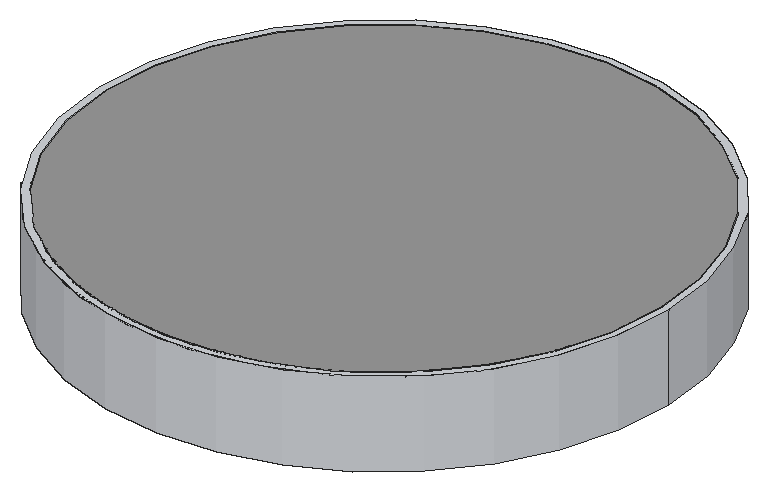
Revit family "2071150", category Lighting Fixtures, host Face, Revit 2018
Family settings
  Host = Face
  Round Connector Dimension = Use Diameter
  Part Type = Normal
  OmniClass Number = 23.80.70.00
  OmniClass Title = Lighting
  Cut with Voids When Loaded = No
  Light Source = Yes
  Shared = No
  Room Calculation Point = No
Parameters (values of type "2071150 COLOSSAL 400 840 PR DIR+H WHT SSC")
  iner diameter = 390 mm
  Weight = "n/a"
  Wattage Comments = ""
  Wattage = 30 W
  WarrantyStartDate [instance] = "n/a"
  WarrantyGuarantorParts = "n/a"
  WarrantyDurationUnit = "n/a"
  WarrantyDurationParts = ""
  WarrantyDescription = "http://www.sylvania-lighting.com"
  built-in parameter 1150110 = 1 (stored number, unit not read)
  Voltage = 230 V
  URL = "0.95"
  TypeName = "COLOSSAL 400mm 840 PRISM DIR+HAL WHITE SSC"
  Type Image = <None>
  Type Comments = "n/a"
  built-in parameter 1114217 = 1 (stored number, unit not read)
  Tilt Angle = -90.00°
  built-in parameter 1150109 = 1 (stored number, unit not read)
  built-in parameter 1150134 = (empty or 0)
  built-in parameter 1150113 = 1 (stored number, unit not read)
  SerialNumber [instance] = "n/a"
  Photometric Web File = "2071150.ies"
  Material_3_SYL = LED-Sylvania
  PowerFactor = 0
  PowerConsumption = "Lighting"
  NominalLength = 400 mm
  NominalHeight = 93 mm
  NominalDepth = 400 mm
  Name = "COLOSSAL 400mm 840 PRISM DIR+HAL WHITE SSC"
  ModelReference = Name  # "COLOSSAL 400mm 840 PRISM DIR+HAL WHITE SSC"
  ModelNumber = "2071150"
  Model = Name  # "COLOSSAL 400mm 840 PRISM DIR+HAL WHITE SSC"
  Material = "Feilo Sylvania"
  ManufacturerName = "127 lm/W"
  Manufacturer = ""
  LuminousEfficacy = ""
  built-in parameter 1150105 = 270.44 (stored number, unit not read)
  Lumens = 3398.4 lm
  LuminaireType = "0"
  built-in parameter 1150115 = 1 (stored number, unit not read)
  LightOutputRatio = "LED"
  built-in parameter 1150137 = (empty or 0)
  built-in parameter 1150139 = (empty or 0)
  LampsType = Lamp  # "n/a"
  LampNominalLuminous = "4000 K"
  LampMacAdamStep = "80"
  LampColourTemperature = "LED"
  LampColourRenderingIndex = "16500"
  built-in parameter 1150112 = 1 (stored number, unit not read)
  built-in parameter 1150114 = 1 (stored number, unit not read)
  Lamp = "n/a"
  Keynote = "n/a"
  InstallationDate [instance] = "n/a"
  InputVoltage = "0"
  InputNominalFrequency = "4000"
  built-in parameter 1150132 = (empty or 0)
  built-in parameter 1150102 = (empty or 0)
  built-in parameter 1150107 = 3000 (stored number, unit not read)
  built-in parameter 1150138 = (empty or 0)
  IngressProtection = "IfcLightFixtureType"
  ImpactProtectionIndex = "IfcLightFixtureType"
  built-in parameter 1150106 = 2.7044 (stored number, unit not read)
  IfcExportType = "IfcLightFixtureType"
  IfcExportAs = "Class I"
  Emit from Circle Diameter = 385 mm
  Emit Shape Visible in Rendering = no
  ElectricShockClassification = "127"
  built-in parameter 1150104 = 10.524 (stored number, unit not read)
  DocumentationLiterature = "http://www.sylvania-lighting.com/product/en-int/products/2071150"
  DimmingControlOptions = "n/a"
  Material_2_SYL = Polycarbonate_Sylvania_White
  Dimming Lamp Color Temperature Shift = <None>
  Description = "400mm diameter circular architectural luminaire, can be surface mounted or suspended. Powder coated aluminium housing (RAL9016) with PMMA prismatic diffuser. Direct/indirect (halo) light distribution, 2015lm luminuous flux, 15.9W system power, 127lm/W luminiaire efficacy. Sylsmart Standalone enabled. Colour rendering index Ra >80, 4000K Neutral White LED, chromaticity tolerance of 3-step MacAdam ellipse. IP40, IK03. 350mA drive current. UGR≤19. Electrical protection Class1, 220-240V. Reported lifetime 66k hours L90B10."
  Default Elevation = 1219.2 mm
  CreatedOn = "22/03/2022"
  CreatedBy = "@sylvania-lighting.com"
  Cost = 0
  Color Filter = 16777215
  built-in parameter 1114216 [instance] = (empty or 0)
  ClassificationValue = "EF_70_80"
  ClassificationName = "Uniclass2015"
  Material_1_SYL = Polycarbonate_Sylvania_Opal
  BarCode [instance] = "n/a"
  built-in parameter 1114218 = 1 (stored number, unit not read)
  built-in parameter 1150133 = 10 (stored number, unit not read)
  AssetType = "Fixed"
  AssetIdentifier [instance] = "n/a"
  Assembly Code = "D5020200"
  Apparent Load = 15.9 VA
  Material_4_SYL = none
Reference planes
  plane 1 "Center (Front/Back)": y = 0
  plane 2: z = 0
  plane 3 "Center (Left/Right)": x = 0
  plane 4: x = -200
  plane 5: x = 200
  plane 6: y = 200
  plane 7: y = -200
  plane 8: y = 236
  plane 9: y = -236
  plane 10: z = 93
  plane 11: y = 195
  plane 12: y = -195
  plane 13: y = 90.5
  plane 14: y = 144.5
  plane 15: through (52.25, 90.5, 1219.2) normal (0.866, 0.5, 0)
  plane 16: through (52.25, 90.5, 1219.2) normal (0.866, 0.5, 0)
  plane 17: through (63.706, 126.657, 1219.2) normal (0.866, 0.5, 0)
  plane 18: through (-104.5, 0, 1219.2) normal (-0.866, 0.5, 0)
  plane 19: through (-142.394, -9.633, 1219.2) normal (-0.866, 0.5, 0)
  plane 20: y = -90.5
  plane 21: y = -118.5
  plane 22: through (85.371, -141.133, 1219.2) normal (-0.866, 0.5, 0)
  plane 23: through (52.25, -90.5, 1219.2) normal (-0.866, 0.5, 0)
  plane 24: through (-161.658, 0, 1219.2) normal (0.866, 0.5, 0)
  plane 25: through (-172.12, 9.121, 1219.2) normal (0.866, 0.5, 0)
  plane 26: through (-104.5, 0, 1219.2) normal (0.866, 0.5, 0)
Forms (mm)
  Extrusion 1, solid, detail levels medium+fine
    sketch origin (0, 0, 0) x (1, 0, 0) y (0, 1, 0)
      loop
        circle (0, 0) r 200
    from 33.023 to 93
  Extrusion 2, void
    sketch origin (0, 0, 0) x (1, 0, 0) y (0, 1, 0)
      loop
        circle (0, 0) r 195
    from 93 to 37.292
  Extrusion 3, solid, material "Glass, White, High Luminance", detail levels fine
    sketch origin (0, 0, 0) x (1, 0, 0) y (0, 1, 0)
      loop
        circle (0, 0) r 195
    from 88.026 to 93
  Extrusion 4, solid, detail levels coarse
    sketch origin (0, 0, 0) x (1, 0, 0) y (0, 1, 0)
      loop
        line (-200, 200) -> (-200, -200) -> (200, -200) -> (200, 200) -> (-200, 200)
    from 0 to 93
  Blend 5, solid, detail levels medium+fine
    base sketch origin (0, 0, 0) x (1, 0, 0) y (0, 1, 0)
      loop
        line (-52.25, 90.5) -> (-104.5, 0) -> (-52.25, -90.5) -> (52.25, -90.5) -> (104.5, 0) -> (52.25, 90.5) -> (-52.25, 90.5)
    top sketch origin (0, 0, 0) x (1, 0, 0) y (0, 1, 0)
      loop
        line (-53.405, 144.5) -> (-149.245, -21.5) -> (-93.242, -118.5) -> (98.438, -118.5) -> (151.843, -26) -> (53.405, 144.5) -> (-53.405, 144.5)
    from 0 to 33.023
Cuts and joins
  Extrusion 2 cuts Extrusion 1
Dimensions and locks
  "NominalDepth": plane 6 to plane 7
  "NominalLength": plane 4 to plane 5
  equal spacing: plane 4, plane 3 "Center (Left/Right)", plane 5
  "iner diameter": plane 11 to plane 12
  equal spacing: plane 11, plane 1 "Center (Front/Back)", plane 12
  equal spacing: plane 6, plane 1 "Center (Front/Back)", plane 7
  "NominalHeight": plane 10 to level
  plane 19 to plane 18 = 28 mm
  radius of Extrusion 2 sketch curve = 195 mm
  aligned and locked: plane 2 to host face
  aligned and locked: level to host face
Automatic sketch dimensions
  host sketch curve to host sketch curve = 2438.4 mm  (x2)
  plane 1 "Center (Front/Back)" to Extrusion 1 sketch curve = 0 mm
  Extrusion 1 sketch curve to plane 3 "Center (Left/Right)" = 0 mm
  plane 1 "Center (Front/Back)" to Extrusion 2 sketch curve = 0 mm
  Extrusion 2 sketch curve to plane 3 "Center (Left/Right)" = 0 mm
  plane 1 "Center (Front/Back)" to Extrusion 3 sketch curve = 0 mm
  Extrusion 3 sketch curve to plane 3 "Center (Left/Right)" = 0 mm
  Extrusion 4 sketch curve to plane 4 = 0 mm
  Extrusion 4 sketch curve to plane 5 = 0 mm
  Extrusion 4 sketch curve to plane 7 = 0 mm
  Extrusion 4 sketch curve to plane 6 = 0 mm
  Blend 5 sketch curve to plane 19 = 0 mm  (x2)
  Blend 5 sketch curve to plane 24 = 0 mm  (x2)
  Blend 5 sketch curve to plane 21 = 0 mm
  Blend 5 sketch curve to plane 14 = 0 mm
  Blend 5 sketch curve to plane 17 = 0 mm  (x2)
  Blend 5 sketch curve to plane 22 = 0 mm  (x2)
  radius of Extrusion 1 sketch curve = 200 mm
  radius of Extrusion 3 sketch curve = 195 mm
Connectors
  electrical at (0, 0, 0), driven by "Apparent Load", driven by "PowerFactor", driven by "Voltage"
    settings: index 1, voltage 230 V, apparent load 15.9 VA, apparent load phase1 0 VA, apparent load phase2 0 VA, apparent load phase3 0 VA, power factor 0, load classification "Lighting", number of poles 1, system type 30, power factor state 1, is connector primary yes, connector utility no, sub classification motor no, connector description ""
